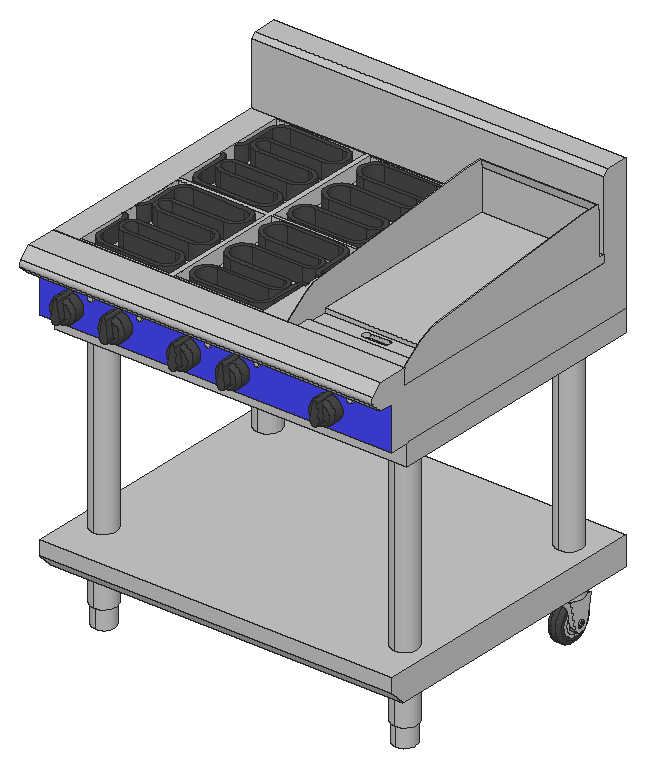
Revit family "QF_MOFFAT_BLUESEAL_CE_E516C-LS", category Specialty Equipment, Revit 2012
Parameters
  Width = 900 mm
  Weight in Pounds = 198  # constant formula
  Watts = 13000 W
  Volts = 400 V
  URL Cutsheet = "www.moffat.com"
  URL = "www.moffat.com"
  Type Mark [instance] = ""
  Status [instance] = ""
  Specification by User [instance] = ""
  Specification by Manufacturer = ""
  Show Logo [instance] = no
  Show Casters [instance] = yes
  Serial Number = ""
  Seismic Rating = ""
  SMACNA No = ""
  Revision Code [instance] = ""
  Phase = 3
  Omniclass Number and Title = ""
  Number of Poles = 1
  NAFEM Spec ID Number = ""
  Model = "E516C-LS"
  Min Ckt Ampacity = 0 A
  Max Overcurrent Protection = 0 A
  Masterspec = ""
  Manufacturer = "MOFFAT BLUESEAL"
  Legs [instance] = not(Show Casters)  # no
  Item Number [instance] = ""
  Installed By [instance] = ""
  Identify Quantity as Lot [instance] = yes
  HP = ""
  Furnished By [instance] = ""
  Foodservice Equipment Identifier [instance] = yes
  FL Amps = 20 A
  Electrical Remarks = "20A PER PHASE"
  Elec Conn RI Height = 0 mm
  Elec Conn Connection Height = 0 mm
  Description = "900MM ELECTRIC COOK TOP & GRIDDLE ON LEG STAND"
  Depth = 812 mm
  Cycle = 50 Hz
  Conn Plug = ""
  Conn Conduit = yes
  CSI MasterFormat = ""
  CSI Master Format = ""
  Base Height [instance] = 150 mm
  Apparent Power = if(Phase = 3, Volts * FL Amps * 1.73, Volts * FL Amps)  # 13840 VA
Reference planes
  plane 1 "BACK": y = 0
  plane 2: z = 0
  plane 3 "LEFT": x = 0
  plane 4 "RIGHT": x = 900
  plane 5 "FRONT": y = -812
  plane 6 "TOP": z = 970
  plane 7 "Center Y": x = 450
  plane 8 "Center X": y = -406
  plane 9 "Base Height": z = 150
  plane 10: z = 915
  plane 11: y = -31
  plane 12: x = 770
  plane 13: z = 1085
  plane 14: x = 65.354
  plane 15: y = -625
  plane 16: y = -100
  plane 17: x = 834.646
Forms (mm)
  Extrusion 1, solid, material "QF_Finishes_Stainless Steel"
    sketch origin (0, 0, 0) x (0, 1, 0) y (0, 0, 1)
      loop
        line (-749, 850) -> (-749, 740) -> (0, 740) -> (0, 1085) -> (-57.5, 1085) -> (-70, 1072.5) -> (-70, 875) -> (-705, 875) -> (-705, 915) -> (-783.97, 915) -> (-808.485, 890.485)
        arc (-808.485, 890.485) -> (-811.999, 882) -> (-808.485, 873.515) r 12
        line (-808.485, 873.515) -> (-784.97, 850) -> (-749, 850)
      loop
        line (0, 685) -> (0, 739.5) -> (-699, 739.5) -> (-699, 685) -> (0, 685)
      loop
        line (0, 222.5) -> (-749, 222.5) -> (-749, 186) -> (-713, 150) -> (0, 150) -> (0, 222.5)
    from 0 to 900
  Revolve 2, solid, material "QF_Finishes_Black"
    sketch origin (87.5, 7, 597.89) x (0, 1, 0) y (0, 0, -1)
      loop
        line (-789, -229.5) -> (-766, -229.5) -> (-766, -202) -> (-756, -202) -> (-756, -197) -> (-800, -197) -> (-800, -223.651) -> (-789, -229.5)
      axis (-800, -197) -> (-756, -197)
    angle from 0 to 360
  Extrusion 3, solid, material "QF_Finishes_Black"
    sketch origin (87.5, -759, 794.89) x (0, 0, 1) y (1, 0, 0)
      loop
        arc (32.192, -4.965) -> (37.079, 0.034) -> (32.192, 5.033) r 5
        line (32.192, 5.033) -> (-10.726, 10.453)
        arc (-10.726, 10.453) -> (-22.392, 0.618) -> (-11.893, -10.454) r 10.487
        line (-11.893, -10.454) -> (32.192, -4.965)
    from 0 to -49
  Extrusion 4, solid, material "QF_Finishes_Stainless Steel"
    sketch origin (0, 0, 222.5) x (0, -1, 0) y (1, 0, 0)
      loop
        circle (100, 65) r 31.75
      loop
        circle (625, 65) r 31.75
      loop
        circle (100, 835) r 31.75
      loop
        circle (625, 835) r 31.75
    from 0 to 462.5
  Revolve 5, solid, material "QF_Finishes_Stainless Steel", visible <- "Legs"
    sketch origin (65.5, -166, 0) x (0, 1, 0) y (0, 0, 1)
      loop
        line (34.25, 150) -> (34.25, 50) -> (38.5, 50) -> (38.5, 0) -> (66, 0) -> (66, 150) -> (34.25, 150)
      axis (66, 150) -> (66, 0)
    angle from 0 to 360
  Revolve 6, solid, material "QF_Finishes_Stainless Steel"
    sketch origin (65.5, -735, 0) x (0, 1, 0) y (0, 0, 1)
      loop
        line (78.25, 150) -> (78.25, 50) -> (82.5, 50) -> (82.5, 0) -> (110, 0) -> (110, 150) -> (78.25, 150)
      axis (110, 150) -> (110, 0)
    angle from 0 to 360
  Revolve 7, solid, material "QF_Finishes_Stainless Steel", visible <- "Legs"
    sketch origin (834.646, -166, -0.354) x (0, 1, 0) y (0, 0, -1)
      loop
        line (34.25, -150) -> (66, -150) -> (66, -0.354) -> (38.5, -0.354) -> (38.5, -50) -> (34.25, -50) -> (34.25, -150)
      axis (66, -150) -> (66, -0.354)
    angle from 0 to 360
  Revolve 8, solid, material "QF_Finishes_Stainless Steel"
    sketch origin (834.646, -728, -0.354) x (0, 1, 0) y (0, 0, -1)
      loop
        line (71.25, -150) -> (103, -150) -> (103, -0.354) -> (75.5, -0.354) -> (75.5, -50) -> (71.25, -50) -> (71.25, -150)
      axis (103, -150) -> (103, -0.354)
    angle from 0 to 360
  Extrusion 9, void
    sketch origin (0, -699, 740) x (0, -1, 0) y (1, 0, 0)
      loop
        circle (-668, 770) r 6.35
    from 0 to -62.281
  Revolve 10, solid, material "QF_Finishes_Black"
    sketch origin (386.766, 7, 597.89) x (0, 1, 0) y (0, 0, -1)
      loop
        line (-789, -229.5) -> (-766, -229.5) -> (-766, -202) -> (-756, -202) -> (-756, -197) -> (-800, -197) -> (-800, -223.651) -> (-789, -229.5)
      axis (-800, -197) -> (-756, -197)
    angle from 0 to 360
  Extrusion 11, solid, material "QF_Finishes_Black"
    sketch origin (386.766, -759, 794.89) x (0, 0, 1) y (1, 0, 0)
      loop
        arc (32.192, -4.965) -> (37.079, 0.034) -> (32.192, 5.033) r 5
        line (32.192, 5.033) -> (-10.726, 10.453)
        arc (-10.726, 10.453) -> (-22.392, 0.618) -> (-11.893, -10.454) r 10.487
        line (-11.893, -10.454) -> (32.192, -4.965)
    from 0 to -49
  Extrusion 12, solid, material "QF_Finishes_Stainless Steel"
    sketch origin (0, -749, 850) x (0, 0, -1) y (1, 0, 0)
      loop
        circle (25.11, 132.5) r 7.15
      loop
        circle (25.11, 257.5) r 7.15
      loop
        circle (25.11, 432.5) r 7.15
      loop
        circle (25.11, 557.5) r 7.15
      loop
        circle (25.11, 795.734) r 7.15
    from 0 to 3.2
  Revolve 13, solid, material "QF_Finishes_Stainless Steel", visible <- "Show Casters"
    sketch origin (16.276, -100.755, -12.8) x (1, 0, 0) y (0, 0, 1)
      loop
        line (14.841, 63.604) -> (83.584, 63.604) -> (83.584, 67.109) -> (82.314, 68.379) -> (80.79, 68.379) -> (80.79, 71.826) -> (68.644, 71.826) -> (68.644, 81.79) -> (65.088, 83.843) -> (63.738, 92.179) -> (65.881, 92.179) -> (65.881, 98.529) -> (65.088, 98.529) -> (65.088, 104.879)
        arc (65.088, 104.879) -> (62.298, 111.614) -> (55.563, 114.404) r 9.525
        line (55.563, 114.404) -> (42.863, 114.404)
        arc (42.863, 114.404) -> (36.127, 111.614) -> (33.338, 104.879) r 9.525
        line (33.338, 104.879) -> (33.338, 98.529) -> (32.544, 98.529) -> (32.544, 92.179) -> (34.687, 92.179) -> (33.352, 83.932) -> (29.782, 81.871) -> (29.782, 71.826) -> (17.635, 71.826) -> (17.635, 68.379) -> (16.111, 68.379) -> (14.841, 67.109) -> (14.841, 63.604)
      axis (14.841, 63.604) -> (83.584, 63.604)
    angle from 0 to 360
  Extrusion 14, solid, material "QF_Finishes_Stainless Steel", visible <- "Show Casters"
    sketch origin (72.001, 132.353, -8.783) x (0, 1, 0) y (0, 0, 1)
      loop
        line (-200.603, 118.783) -> (-264.103, 118.783) -> (-251.746, 53.895)
        arc (-251.746, 53.895) -> (-232.353, 38.783) -> (-212.959, 53.895) r 20
        line (-212.959, 53.895) -> (-200.603, 118.783)
    from -35.667 to 22.923
  Revolve 15, solid, material "QF_Finishes_Stainless Steel", visible <- "Show Casters"
    sketch origin (65.5, -204, 0) x (0, 1, 0) y (0, 0, 1)
      loop
        line (68.25, 150) -> (68.25, 110) -> (104, 110) -> (104, 150) -> (68.25, 150)
      axis (104, 150) -> (104, 110)
    angle from 0 to 360
  Revolve 16, solid, material "QF_Finishes_Stainless Steel", visible <- "Legs"
    sketch origin (65.5, -166, 0) x (0, 1, 0) y (0, 0, 1)
      loop
        line (34.25, 150) -> (34.25, 50) -> (38.5, 50) -> (38.5, 0) -> (66, 0) -> (66, 150) -> (34.25, 150)
      axis (66, 150) -> (66, 0)
    angle from 0 to 360
  Revolve 17, solid, material "QF_Finishes_Stainless Steel", visible <- "Show Casters"
    sketch origin (485.423, -100.755, -12.798) x (1, 0, 0) y (0, 0, 1)
      loop
        line (314.841, 63.604) -> (383.584, 63.604) -> (383.584, 67.109) -> (382.314, 68.379) -> (380.79, 68.379) -> (380.79, 71.826) -> (368.644, 71.826) -> (368.644, 81.79) -> (365.088, 83.843) -> (363.738, 92.179) -> (365.881, 92.179) -> (365.881, 98.529) -> (365.088, 98.529) -> (365.088, 104.879)
        arc (365.088, 104.879) -> (362.298, 111.614) -> (355.563, 114.404) r 9.525
        line (355.563, 114.404) -> (342.863, 114.404)
        arc (342.863, 114.404) -> (336.127, 111.614) -> (333.338, 104.879) r 9.525
        line (333.338, 104.879) -> (333.338, 98.529) -> (332.544, 98.529) -> (332.544, 92.179) -> (334.687, 92.179) -> (333.352, 83.932) -> (329.782, 81.871) -> (329.782, 71.826) -> (317.635, 71.826) -> (317.635, 68.379) -> (316.111, 68.379) -> (314.841, 67.109) -> (314.841, 63.604)
      axis (314.841, 63.604) -> (383.584, 63.604)
    angle from 0 to 360
  Extrusion 18, solid, material "QF_Finishes_Stainless Steel", visible <- "Show Casters"
    sketch origin (841.147, 132.353, -9.137) x (0, 1, 0) y (0, 0, 1)
      loop
        line (-200.603, 118.783) -> (-264.103, 118.783) -> (-251.746, 53.895)
        arc (-251.746, 53.895) -> (-232.353, 38.783) -> (-212.959, 53.895) r 20
        line (-212.959, 53.895) -> (-200.603, 118.783)
    from -35.667 to 22.923
  Revolve 19, solid, material "QF_Finishes_Stainless Steel", visible <- "Show Casters"
    sketch origin (834.646, -204, -0.354) x (0, 1, 0) y (0, 0, 1)
      loop
        line (68.25, 150) -> (68.25, 110) -> (104, 110) -> (104, 150) -> (68.25, 150)
      axis (104, 150) -> (104, 110)
    angle from 0 to 360
  Revolve 20, solid, material "QF_Finishes_Black"
    sketch origin (211.766, 7, 597.89) x (0, 1, 0) y (0, 0, -1)
      loop
        line (-789, -229.5) -> (-766, -229.5) -> (-766, -202) -> (-756, -202) -> (-756, -197) -> (-800, -197) -> (-800, -223.651) -> (-789, -229.5)
      axis (-800, -197) -> (-756, -197)
    angle from 0 to 360
  Extrusion 21, solid, material "QF_Finishes_Black"
    sketch origin (211.766, -759, 794.89) x (0, 0, 1) y (1, 0, 0)
      loop
        arc (32.192, -4.965) -> (37.079, 0.034) -> (32.192, 5.033) r 5
        line (32.192, 5.033) -> (-10.726, 10.453)
        arc (-10.726, 10.453) -> (-22.392, 0.618) -> (-11.893, -10.454) r 10.487
        line (-11.893, -10.454) -> (32.192, -4.965)
    from 0 to -49
  Revolve 22, solid, material "QF_Finishes_Black"
    sketch origin (511.766, 7, 597.89) x (0, 1, 0) y (0, 0, -1)
      loop
        line (-789, -229.5) -> (-766, -229.5) -> (-766, -202) -> (-756, -202) -> (-756, -197) -> (-800, -197) -> (-800, -223.651) -> (-789, -229.5)
      axis (-800, -197) -> (-756, -197)
    angle from 0 to 360
  Extrusion 23, solid, material "QF_Finishes_Black"
    sketch origin (511.766, -759, 794.89) x (0, 0, 1) y (1, 0, 0)
      loop
        arc (32.192, -4.965) -> (37.079, 0.034) -> (32.192, 5.033) r 5
        line (32.192, 5.033) -> (-10.726, 10.453)
        arc (-10.726, 10.453) -> (-22.392, 0.618) -> (-11.893, -10.454) r 10.487
        line (-11.893, -10.454) -> (32.192, -4.965)
    from 0 to -49
  Revolve 24, solid, material "QF_Finishes_Black"
    sketch origin (750, 7, 597.89) x (0, 1, 0) y (0, 0, -1)
      loop
        line (-789, -229.5) -> (-766, -229.5) -> (-766, -202) -> (-756, -202) -> (-756, -197) -> (-800, -197) -> (-800, -223.651) -> (-789, -229.5)
      axis (-800, -197) -> (-756, -197)
    angle from 0 to 360
  Extrusion 25, solid, material "QF_Finishes_Black"
    sketch origin (750, -759, 794.89) x (0, 0, 1) y (1, 0, 0)
      loop
        arc (32.192, -4.965) -> (37.079, 0.034) -> (32.192, 5.033) r 5
        line (32.192, 5.033) -> (-10.726, 10.453)
        arc (-10.726, 10.453) -> (-22.392, 0.618) -> (-11.893, -10.454) r 10.487
        line (-11.893, -10.454) -> (32.192, -4.965)
    from 0 to -49
Cuts and joins
  Extrusion 9 cuts Extrusion 1
Lines and regions (mm)
  Split face 1
    outline origin (900, 0, 1085) x (-1, 0, 0) y (0, -1, 0)
      loop
        arc (856, 18.385) -> (864.66, 23.385) -> (864.66, 33.385) r 10
        line (864.66, 33.385) -> (860.619, 40.385)
        arc (860.619, 40.385) -> (856.959, 44.045) -> (851.959, 45.385) r 10
        line (851.959, 45.385) -> (624, 45.385)
        arc (624, 45.385) -> (615.34, 40.385) -> (615.34, 30.385) r 10
        line (615.34, 30.385) -> (619.381, 23.385)
        arc (619.381, 23.385) -> (623.041, 19.725) -> (628.041, 18.385) r 10
        line (628.041, 18.385) -> (856, 18.385)
  Split face 2
    outline origin (900, 0, 1085) x (-1, 0, 0) y (0, -1, 0)
      loop
        arc (276, 18.385) -> (284.66, 23.385) -> (284.66, 33.385) r 10
        line (284.66, 33.385) -> (280.619, 40.385)
        arc (280.619, 40.385) -> (276.959, 44.045) -> (271.959, 45.385) r 10
        line (271.959, 45.385) -> (44, 45.385)
        arc (44, 45.385) -> (35.34, 40.385) -> (35.34, 30.385) r 10
        line (35.34, 30.385) -> (39.381, 23.385)
        arc (39.381, 23.385) -> (43.041, 19.725) -> (48.041, 18.385) r 10
        line (48.041, 18.385) -> (276, 18.385)
  Split face 3
    outline origin (900, 0, 1085) x (-1, 0, 0) y (0, -1, 0)
      loop
        arc (334, 45.385) -> (325.34, 40.385) -> (325.34, 30.385) r 10
        line (325.34, 30.385) -> (329.381, 23.385)
        arc (329.381, 23.385) -> (333.041, 19.725) -> (338.041, 18.385) r 10
        line (338.041, 18.385) -> (566, 18.385)
        arc (566, 18.385) -> (574.66, 23.385) -> (574.66, 33.385) r 10
        line (574.66, 33.385) -> (570.619, 40.385)
        arc (570.619, 40.385) -> (566.959, 44.045) -> (561.959, 45.385) r 10
        line (561.959, 45.385) -> (334, 45.385)
  symbolic lines, style "SpecialityEquipmentHiddenLines", visible <- "Show Casters"
    curve 1: line (78.456, -46.735, 0) -> (105.952, -62.61, 0)
    curve 2: line (27.656, -134.723, 0) -> (78.456, -46.735, 0)
    curve 3: line (55.152, -150.598, 0) -> (27.656, -134.723, 0)
    curve 4: line (105.952, -62.61, 0) -> (55.152, -150.598, 0)
    curve 5: line (848.456, -46.735, 0) -> (875.952, -62.61, 0)
    curve 6: line (797.656, -134.723, 0) -> (848.456, -46.735, 0)
    curve 7: line (825.152, -150.598, 0) -> (797.656, -134.723, 0)
    curve 8: line (875.952, -62.61, 0) -> (825.152, -150.598, 0)
  symbolic lines
    curve 9: line (0, -783.97, 0) -> (900, -783.97, 0)
    curve 10: line (0, 0, 0) -> (0, -811.999, 0)
    curve 11: line (900, -811.999, 0) -> (900, 0, 0)
    curve 12: line (900, -811.999, 0) -> (0, -811.999, 0)
    curve 13: line (0, -70, 0) -> (900, -70, 0)
    curve 14: line (0, -57.5, 0) -> (900, -57.5, 0)
    curve 15: line (900, 0, 0) -> (0, 0, 0)
    curve 16: line (561.959, -18.385, 0) -> (334, -18.385, 0)
    curve 17: arc (334, -18.385, 0) -> (325.34, -23.385, 0) -> (325.34, -33.385, 0) r 10
    curve 18: line (325.34, -33.385, 0) -> (329.381, -40.385, 0)
    curve 19: arc (329.381, -40.385, 0) -> (333.041, -44.045, 0) -> (338.041, -45.385, 0) r 10
    curve 20: line (338.041, -45.385, 0) -> (566, -45.385, 0)
    curve 21: arc (566, -45.385, 0) -> (574.66, -40.385, 0) -> (574.66, -30.385, 0) r 10
    curve 22: line (574.66, -30.385, 0) -> (570.619, -23.385, 0)
    curve 23: arc (570.619, -23.385, 0) -> (566.959, -19.725, 0) -> (561.959, -18.385, 0) r 10
    curve 24: line (851.959, -18.385, 0) -> (624, -18.385, 0)
    curve 25: arc (624, -18.385, 0) -> (615.34, -23.385, 0) -> (615.34, -33.385, 0) r 10
    curve 26: line (615.34, -33.385, 0) -> (619.381, -40.385, 0)
    curve 27: arc (619.381, -40.385, 0) -> (623.041, -44.045, 0) -> (628.041, -45.385, 0) r 10
    curve 28: line (628.041, -45.385, 0) -> (856, -45.385, 0)
    curve 29: arc (856, -45.385, 0) -> (864.66, -40.385, 0) -> (864.66, -30.385, 0) r 10
    curve 30: line (864.66, -30.385, 0) -> (860.619, -23.385, 0)
    curve 31: arc (860.619, -23.385, 0) -> (856.959, -19.725, 0) -> (851.959, -18.385, 0) r 10
    curve 32: line (271.959, -18.385, 0) -> (44, -18.385, 0)
    curve 33: arc (44, -18.385, 0) -> (35.34, -23.385, 0) -> (35.34, -33.385, 0) r 10
    curve 34: line (35.34, -33.385, 0) -> (39.381, -40.385, 0)
    curve 35: arc (39.381, -40.385, 0) -> (43.041, -44.045, 0) -> (48.041, -45.385, 0) r 10
    curve 36: line (48.041, -45.385, 0) -> (276, -45.385, 0)
    curve 37: arc (276, -45.385, 0) -> (284.66, -40.385, 0) -> (284.66, -30.385, 0) r 10
    curve 38: line (284.66, -30.385, 0) -> (280.619, -23.385, 0)
    curve 39: arc (280.619, -23.385, 0) -> (276.959, -19.725, 0) -> (271.959, -18.385, 0) r 10
    curve 40: line (0, -705, 0) -> (900, -705, 0)
Dimensions and locks
  equal spacing: plane 3 "LEFT", plane 7 "Center Y", plane 4 "RIGHT"
  "Width": plane 3 "LEFT" to plane 4 "RIGHT"
  equal spacing: plane 5 "FRONT", plane 8 "Center X", plane 1 "BACK"
  "Depth": plane 5 "FRONT" to plane 1 "BACK"
  equal spacing: plane 4 "RIGHT", plane 7 "Center Y", plane 3 "LEFT"
  plane 4 "RIGHT" to plane 3 "LEFT" = 900 mm
  plane 5 "FRONT" to plane 1 "BACK" = 812 mm
  "Base Height": plane 9 "Base Height" to level
  plane 6 "TOP" to level = 970 mm
  plane 10 to level = 915 mm
  plane 11 to plane 1 "BACK" = 31 mm
  plane 12 to plane 4 "RIGHT" = 130 mm
  plane 13 to plane 2 = 1085 mm
  Revolve 13 sketch curve to Revolve 13 sketch curve = 50.8 mm
  Revolve 17 sketch curve to Revolve 17 sketch curve = 50.8 mm
  plane 2 to cut or joined group of Extrusion 1, Extrusion 9 = 740 mm
  Extrusion 9 sketch curve to plane 1 "BACK" = 31 mm
  plane 16 to plane 15 = 525 mm
  aligned and locked: level to plane 2
  aligned and locked: Extrusion 4 to cut or joined group of Extrusion 1, Extrusion 9
  aligned and locked: cut or joined group of Extrusion 1, Extrusion 9 to plane 4 "RIGHT"
Automatic sketch dimensions
  plane 1 "BACK" to curve 15 = 0 mm
  curve 15 to plane 3 "LEFT" = 0 mm
  curve 9 to plane 4 "RIGHT" = 0 mm
  plane 3 "LEFT" to curve 2 = 27.656 mm
  plane 14 to curve 3 = 10.202 mm
  curve 2 to plane 14 = 13.102 mm
  plane 12 to curve 6 = 27.656 mm
  curve 8 to plane 17 = 9.494 mm
  plane 17 to curve 5 = 13.809 mm
  curve 5 to plane 11 = 15.735 mm
  curve 2 to plane 11 = 15.735 mm
  curve 14 to plane 11 = 26.5 mm
  curve 8 to curve 14 = 5.11 mm
  curve 4 to curve 1 = 15.875 mm
  curve 13 to curve 14 = 12.5 mm
  curve 9 to plane 5 "FRONT" = 28.03 mm
  curve 12 to plane 5 "FRONT" = 0.001 mm
  plane 10 to Extrusion 1 sketch curve = 0 mm
  Extrusion 1 sketch curve to plane 9 "Base Height" = 0 mm
  plane 13 to Extrusion 1 sketch curve = 0 mm
  Extrusion 1 sketch curve to plane 1 "BACK" = 0 mm  (x3)
  Extrusion 1 sketch curve to plane 11 = 26.5 mm
  plane 13 to Extrusion 1 sketch curve = 12.5 mm
  Extrusion 1 sketch curve to Extrusion 1 sketch curve = 12.5 mm
  plane 15 to Extrusion 1 sketch curve = 74 mm
  plane 15 to Extrusion 1 sketch curve = 80 mm
  plane 15 to Extrusion 1 sketch curve = 88 mm
  Extrusion 1 sketch curve to Extrusion 1 sketch curve = 44 mm
  Extrusion 1 sketch curve to Extrusion 1 sketch curve = 36 mm
  Extrusion 1 sketch curve to plane 5 "FRONT" = 28.03 mm
  Extrusion 1 sketch curve to plane 5 "FRONT" = 27.03 mm
  Extrusion 1 sketch curve to plane 5 "FRONT" = 12.001 mm
  Extrusion 1 sketch curve to plane 5 "FRONT" = 3.515 mm  (x2)
  plane 9 "Base Height" to Extrusion 1 sketch curve = 36 mm
  plane 9 "Base Height" to Extrusion 1 sketch curve = 72.5 mm
  plane 10 to Extrusion 1 sketch curve = 230 mm
  Extrusion 1 sketch curve to Extrusion 1 sketch curve = 54.5 mm
  Extrusion 1 sketch curve to Extrusion 1 sketch curve = 0.5 mm
  plane 10 to Extrusion 1 sketch curve = 65 mm
  Extrusion 1 sketch curve to Extrusion 1 sketch curve = 23.515 mm
  plane 10 to Extrusion 1 sketch curve = 40 mm
  Extrusion 1 sketch curve to Extrusion 1 sketch curve = 8.485 mm
  Revolve 2 sketch curve to plane 5 "FRONT" = 19 mm
  Revolve 2 sketch curve to Revolve 2 sketch curve = 0 mm  (x2)
  Revolve 2 sketch curve to Revolve 2 sketch curve = 11 mm
  Revolve 2 sketch curve to Revolve 2 sketch curve = 12.7 mm
  Revolve 2 sketch curve to Revolve 2 sketch curve = 23 mm
  Revolve 2 sketch curve to Revolve 2 sketch curve = 10 mm
  plane 10 to Revolve 2 sketch curve = 87.61 mm
  Revolve 2 sketch curve to Revolve 2 sketch curve = 5.849 mm
  Revolve 2 sketch curve to Revolve 2 sketch curve = 27.5 mm
  Revolve 2 sketch curve to Revolve 2 sketch curve = 5 mm
  Extrusion 3 sketch curve to Revolve 2 = 0.034 mm  (x2)
  Revolve 2 to Extrusion 3 sketch curve = 10.454 mm
  Extrusion 3 sketch curve to Extrusion 3 sketch curve = 0.028 mm
  Extrusion 3 sketch curve to Revolve 2 = 10.453 mm
  Extrusion 3 sketch curve to Extrusion 3 sketch curve = 44 mm
  Extrusion 3 sketch curve to Revolve 2 = 5.033 mm
  Extrusion 3 sketch curve to Extrusion 3 sketch curve = 0.113 mm
  Revolve 2 to Extrusion 3 sketch curve = 4.965 mm
  Extrusion 4 sketch curve to Extrusion 4 sketch curve = 0 mm  (x8)
  Extrusion 1 to Extrusion 4 sketch curve = 68.25 mm  (x2)
  Extrusion 4 sketch curve to Extrusion 4 sketch curve = 31.75 mm  (x4)
  Extrusion 4 sketch curve to Extrusion 1 = 155.75 mm  (x2)
  Extrusion 1 to Extrusion 4 sketch curve = 65 mm  (x4)
  Revolve 5 sketch curve to plane 9 "Base Height" = 0 mm
  Revolve 5 sketch curve to level = 0 mm
  Revolve 5 sketch curve to plane 16 = 0 mm  (x2)
  plane 16 to Revolve 5 sketch curve = 27.5 mm
  plane 16 to Revolve 5 sketch curve = 31.75 mm
  Revolve 5 sketch curve to Revolve 5 sketch curve = 55 mm
  level to Revolve 5 sketch curve = 50 mm
  Revolve 5 sketch curve to Revolve 5 sketch curve = 0 mm
  Revolve 6 sketch curve to plane 9 "Base Height" = 0 mm
  Revolve 6 sketch curve to level = 0 mm
  Revolve 6 sketch curve to plane 15 = 0 mm  (x2)
  Revolve 6 sketch curve to Revolve 6 sketch curve = 27.5 mm
  Revolve 6 sketch curve to Revolve 6 sketch curve = 31.75 mm
  Revolve 6 sketch curve to Revolve 6 sketch curve = 55 mm
  level to Revolve 6 sketch curve = 50 mm
  Revolve 6 sketch curve to Revolve 6 sketch curve = 0 mm
  Revolve 7 sketch curve to level = 0 mm
  Revolve 7 sketch curve to plane 16 = 0 mm  (x2)
  plane 16 to Revolve 7 sketch curve = 27.5 mm
  Revolve 7 sketch curve to plane 9 "Base Height" = 0.354 mm
  plane 16 to Revolve 7 sketch curve = 31.75 mm
  level to Revolve 7 sketch curve = 49.646 mm
  Revolve 7 sketch curve to Revolve 7 sketch curve = 0 mm
  Revolve 7 sketch curve to level = 55.354 mm
  Revolve 8 sketch curve to level = 0 mm
  Revolve 8 sketch curve to plane 15 = 0 mm  (x2)
  Revolve 8 sketch curve to Revolve 8 sketch curve = 27.5 mm
  Revolve 8 sketch curve to plane 9 "Base Height" = 0.354 mm
  plane 15 to Revolve 8 sketch curve = 31.75 mm
  level to Revolve 8 sketch curve = 49.646 mm
  Revolve 8 sketch curve to Revolve 8 sketch curve = 0 mm
  Revolve 8 sketch curve to Revolve 8 sketch curve = 55.354 mm
  Extrusion 9 sketch curve to Extrusion 1 = 130 mm
  Revolve 10 sketch curve to plane 5 "FRONT" = 19 mm
  Revolve 10 sketch curve to Revolve 10 sketch curve = 0 mm  (x2)
  Revolve 10 sketch curve to Revolve 10 sketch curve = 11 mm
  Revolve 10 sketch curve to Revolve 10 sketch curve = 12.7 mm
  Revolve 10 sketch curve to Revolve 10 sketch curve = 23 mm
  Revolve 10 sketch curve to Revolve 10 sketch curve = 10 mm
  plane 10 to Revolve 10 sketch curve = 87.61 mm
  Revolve 10 sketch curve to Revolve 10 sketch curve = 5.849 mm
  Revolve 10 sketch curve to Revolve 10 sketch curve = 27.5 mm
  Revolve 10 sketch curve to Revolve 10 sketch curve = 5 mm
  Extrusion 11 sketch curve to Revolve 10 = 0.034 mm  (x2)
  Revolve 10 to Extrusion 11 sketch curve = 10.454 mm
  Extrusion 11 sketch curve to Extrusion 11 sketch curve = 0.028 mm
  Extrusion 11 sketch curve to Revolve 10 = 10.453 mm
  Extrusion 11 sketch curve to Extrusion 11 sketch curve = 44 mm
  Extrusion 11 sketch curve to Revolve 10 = 5.033 mm
  Extrusion 11 sketch curve to Extrusion 11 sketch curve = 0.113 mm
  Revolve 10 to Extrusion 11 sketch curve = 4.965 mm
  Split face 1 sketch curve to cut or joined group of Extrusion 1, Extrusion 9 = 27.115 mm
  Split face 1 sketch curve to cut or joined group of Extrusion 1, Extrusion 9 = 284.66 mm
  Split face 1 sketch curve to Split face 1 sketch curve = 4.041 mm  (x4)
  Split face 1 sketch curve to Split face 1 sketch curve = 8.66 mm  (x2)
  Split face 1 sketch curve to cut or joined group of Extrusion 1, Extrusion 9 = 12.115 mm
  Split face 1 sketch curve to cut or joined group of Extrusion 1, Extrusion 9 = 48.041 mm
  Split face 1 sketch curve to Split face 1 sketch curve = 7 mm  (x3)
  Split face 1 sketch curve to Split face 1 sketch curve = 17 mm
  Split face 2 sketch curve to cut or joined group of Extrusion 1, Extrusion 9 = 35.34 mm
  Split face 2 sketch curve to Split face 2 sketch curve = 4.041 mm  (x4)
  Split face 2 sketch curve to Split face 2 sketch curve = 8.66 mm  (x2)
  Split face 2 sketch curve to cut or joined group of Extrusion 1, Extrusion 9 = 12.115 mm
  Split face 2 sketch curve to Split face 2 sketch curve = 223.917 mm
  Split face 2 sketch curve to Split face 2 sketch curve = 5 mm
  Split face 2 sketch curve to Split face 2 sketch curve = 10 mm
  Split face 2 sketch curve to Split face 2 sketch curve = 7 mm  (x3)
  Extrusion 12 sketch curve to Extrusion 1 = 25.11 mm  (x5)
  Extrusion 1 to Extrusion 12 sketch curve = 132.5 mm
  Extrusion 12 sketch curve to Extrusion 12 sketch curve = 125 mm  (x2)
  Extrusion 12 sketch curve to Extrusion 12 sketch curve = 175 mm
  Extrusion 1 to Extrusion 12 sketch curve = 104.266 mm
  plane 3 "LEFT" to Revolve 13 sketch curve = 31.118 mm
  Revolve 13 sketch curve to Revolve 13 sketch curve = 1.27 mm  (x4)
  Revolve 13 sketch curve to Revolve 13 sketch curve = 1.524 mm  (x2)
  Revolve 13 sketch curve to Revolve 13 sketch curve = 12.146 mm  (x2)
  plane 14 to Revolve 13 sketch curve = 16.533 mm
  Revolve 13 sketch curve to Revolve 13 sketch curve = 0.794 mm  (x2)
  Revolve 13 sketch curve to Revolve 13 sketch curve = 3.57 mm
  Revolve 13 sketch curve to Revolve 13 sketch curve = 2.143 mm
  plane 14 to Revolve 13 sketch curve = 6.215 mm
  Revolve 13 sketch curve to plane 14 = 5.276 mm
  Revolve 13 sketch curve to plane 14 = 6.485 mm
  Revolve 13 sketch curve to plane 14 = 14.661 mm
  Revolve 13 sketch curve to Revolve 13 sketch curve = 1.349 mm  (x2)
  Revolve 13 sketch curve to Revolve 13 sketch curve = 3.556 mm
  Revolve 13 sketch curve to Revolve 13 sketch curve = 33.32 mm
  level to Revolve 13 sketch curve = 50.804 mm
  Revolve 13 sketch curve to Revolve 13 sketch curve = 0 mm
  Revolve 13 sketch curve to Revolve 13 sketch curve = 3.505 mm  (x2)
  Revolve 13 sketch curve to Revolve 13 sketch curve = 3.447 mm  (x2)
  Revolve 13 sketch curve to Revolve 13 sketch curve = 9.964 mm
  Revolve 13 sketch curve to Revolve 13 sketch curve = 10.045 mm
  Revolve 13 sketch curve to Revolve 13 sketch curve = 2.053 mm
  Revolve 13 sketch curve to Revolve 13 sketch curve = 2.061 mm
  Revolve 13 sketch curve to Revolve 13 sketch curve = 8.247 mm
  Revolve 13 sketch curve to Revolve 13 sketch curve = 8.336 mm
  Revolve 13 sketch curve to Revolve 13 sketch curve = 6.35 mm  (x2)
  Extrusion 14 sketch curve to plane 16 = 0 mm
  plane 16 to Extrusion 14 sketch curve = 19.393 mm
  plane 16 to Extrusion 14 sketch curve = 31.75 mm
  Extrusion 14 sketch curve to plane 16 = 19.393 mm
  Extrusion 14 sketch curve to plane 16 = 31.75 mm
  level to Extrusion 14 sketch curve = 45.111 mm
  Extrusion 14 sketch curve to Extrusion 14 sketch curve = 4.889 mm
  Extrusion 14 sketch curve to plane 9 "Base Height" = 40 mm
  Revolve 15 sketch curve to plane 9 "Base Height" = 0 mm
  Revolve 15 sketch curve to plane 16 = 0 mm  (x2)
  plane 16 to Revolve 15 sketch curve = 35.75 mm
  Revolve 15 sketch curve to Revolve 15 sketch curve = 40 mm
  level to Revolve 15 sketch curve = 50 mm
  Revolve 15 sketch curve to level = 55 mm
  Revolve 16 sketch curve to plane 9 "Base Height" = 0 mm
  Revolve 16 sketch curve to level = 0 mm
  Revolve 16 sketch curve to plane 16 = 0 mm  (x2)
  plane 16 to Revolve 16 sketch curve = 27.5 mm
  plane 16 to Revolve 16 sketch curve = 31.75 mm
  Revolve 16 sketch curve to Revolve 16 sketch curve = 55 mm
  level to Revolve 16 sketch curve = 50 mm
  Revolve 16 sketch curve to Revolve 16 sketch curve = 0 mm
  plane 12 to Revolve 17 sketch curve = 30.264 mm
  Revolve 17 sketch curve to Revolve 17 sketch curve = 1.27 mm  (x4)
  Revolve 17 sketch curve to Revolve 17 sketch curve = 1.524 mm  (x2)
  Revolve 17 sketch curve to Revolve 17 sketch curve = 12.146 mm  (x2)
  Revolve 17 sketch curve to plane 17 = 16.68 mm
  Revolve 17 sketch curve to Revolve 17 sketch curve = 0.794 mm  (x2)
  Revolve 17 sketch curve to Revolve 17 sketch curve = 3.57 mm
  Revolve 17 sketch curve to Revolve 17 sketch curve = 2.143 mm
  Revolve 17 sketch curve to plane 17 = 6.361 mm
  plane 17 to Revolve 17 sketch curve = 5.13 mm
  plane 17 to Revolve 17 sketch curve = 6.339 mm
  plane 17 to Revolve 17 sketch curve = 14.515 mm
  Revolve 17 sketch curve to Revolve 17 sketch curve = 1.349 mm  (x2)
  Revolve 17 sketch curve to Revolve 17 sketch curve = 3.556 mm
  Revolve 17 sketch curve to plane 4 "RIGHT" = 2.327 mm
  level to Revolve 17 sketch curve = 50.806 mm
  Revolve 17 sketch curve to Revolve 17 sketch curve = 0 mm
  Revolve 17 sketch curve to Revolve 17 sketch curve = 3.505 mm  (x2)
  Revolve 17 sketch curve to Revolve 17 sketch curve = 3.447 mm  (x2)
  Revolve 17 sketch curve to Revolve 17 sketch curve = 9.964 mm
  Revolve 17 sketch curve to Revolve 17 sketch curve = 10.045 mm
  Revolve 17 sketch curve to Revolve 17 sketch curve = 2.053 mm
  Revolve 17 sketch curve to Revolve 17 sketch curve = 2.061 mm
  Revolve 17 sketch curve to Revolve 17 sketch curve = 8.247 mm
  Revolve 17 sketch curve to Revolve 17 sketch curve = 8.336 mm
  Revolve 17 sketch curve to Revolve 17 sketch curve = 6.35 mm  (x2)
  Extrusion 18 sketch curve to plane 16 = 0 mm
  plane 16 to Extrusion 18 sketch curve = 19.393 mm
  plane 16 to Extrusion 18 sketch curve = 31.75 mm
  Extrusion 18 sketch curve to plane 16 = 19.393 mm
  Extrusion 18 sketch curve to plane 16 = 31.75 mm
  level to Extrusion 18 sketch curve = 44.758 mm
  Extrusion 18 sketch curve to Extrusion 18 sketch curve = 4.889 mm
  Extrusion 18 sketch curve to plane 9 "Base Height" = 40.354 mm
  Revolve 19 sketch curve to plane 16 = 0 mm  (x2)
  Revolve 19 sketch curve to plane 9 "Base Height" = 0.354 mm
  plane 16 to Revolve 19 sketch curve = 35.75 mm
  Revolve 19 sketch curve to Revolve 19 sketch curve = 40 mm
  level to Revolve 19 sketch curve = 49.646 mm
  Revolve 19 sketch curve to level = 55.354 mm
  Split face 3 sketch curve to cut or joined group of Extrusion 1, Extrusion 9 = 27.115 mm
  Split face 3 sketch curve to cut or joined group of Extrusion 1, Extrusion 9 = 325.34 mm
  Split face 3 sketch curve to cut or joined group of Extrusion 1, Extrusion 9 = 23.385 mm
  Split face 3 sketch curve to Split face 3 sketch curve = 4.041 mm  (x4)
  Split face 3 sketch curve to Split face 3 sketch curve = 8.66 mm  (x2)
  Split face 3 sketch curve to cut or joined group of Extrusion 1, Extrusion 9 = 22.115 mm
  Split face 3 sketch curve to Split face 3 sketch curve = 223.917 mm
  Split face 3 sketch curve to cut or joined group of Extrusion 1, Extrusion 9 = 17.115 mm
  Split face 3 sketch curve to Split face 3 sketch curve = 17 mm
  Split face 3 sketch curve to Split face 3 sketch curve = 7 mm
  Revolve 20 sketch curve to plane 5 "FRONT" = 19 mm
  Revolve 20 sketch curve to Revolve 20 sketch curve = 0 mm  (x2)
  Revolve 20 sketch curve to Revolve 20 sketch curve = 11 mm
  Revolve 20 sketch curve to Revolve 20 sketch curve = 12.7 mm
  Revolve 20 sketch curve to Revolve 20 sketch curve = 23 mm
  Revolve 20 sketch curve to Revolve 20 sketch curve = 10 mm
  plane 10 to Revolve 20 sketch curve = 87.61 mm
  Revolve 20 sketch curve to Revolve 20 sketch curve = 5.849 mm
  Revolve 20 sketch curve to Revolve 20 sketch curve = 27.5 mm
  Revolve 20 sketch curve to Revolve 20 sketch curve = 5 mm
  Extrusion 21 sketch curve to Revolve 20 = 0.034 mm  (x2)
  Revolve 20 to Extrusion 21 sketch curve = 10.454 mm
  Extrusion 21 sketch curve to Extrusion 21 sketch curve = 0.028 mm
  Extrusion 21 sketch curve to Revolve 20 = 10.453 mm
  Extrusion 21 sketch curve to Extrusion 21 sketch curve = 44 mm
  Extrusion 21 sketch curve to Revolve 20 = 5.033 mm
  Extrusion 21 sketch curve to Extrusion 21 sketch curve = 0.113 mm
  Revolve 20 to Extrusion 21 sketch curve = 4.965 mm
  Revolve 22 sketch curve to plane 5 "FRONT" = 19 mm
  Revolve 22 sketch curve to Revolve 22 sketch curve = 0 mm  (x2)
  Revolve 22 sketch curve to Revolve 22 sketch curve = 11 mm
  Revolve 22 sketch curve to Revolve 22 sketch curve = 12.7 mm
  Revolve 22 sketch curve to Revolve 22 sketch curve = 23 mm
  Revolve 22 sketch curve to Revolve 22 sketch curve = 10 mm
  plane 10 to Revolve 22 sketch curve = 87.61 mm
  Revolve 22 sketch curve to Revolve 22 sketch curve = 5.849 mm
  Revolve 22 sketch curve to Revolve 22 sketch curve = 27.5 mm
  Revolve 22 sketch curve to Revolve 22 sketch curve = 5 mm
  Extrusion 23 sketch curve to Revolve 22 = 0.034 mm  (x2)
  Revolve 22 to Extrusion 23 sketch curve = 10.454 mm
  Extrusion 23 sketch curve to Extrusion 23 sketch curve = 0.028 mm
  Extrusion 23 sketch curve to Revolve 22 = 10.453 mm
  Extrusion 23 sketch curve to Extrusion 23 sketch curve = 44 mm
  Extrusion 23 sketch curve to Revolve 22 = 5.033 mm
  Extrusion 23 sketch curve to Extrusion 23 sketch curve = 0.113 mm
  Revolve 22 to Extrusion 23 sketch curve = 4.965 mm
  Revolve 24 sketch curve to plane 5 "FRONT" = 19 mm
  Revolve 24 sketch curve to Revolve 24 sketch curve = 0 mm  (x2)
  Revolve 24 sketch curve to Revolve 24 sketch curve = 11 mm
  Revolve 24 sketch curve to Revolve 24 sketch curve = 12.7 mm
  Revolve 24 sketch curve to Revolve 24 sketch curve = 23 mm
  Revolve 24 sketch curve to Revolve 24 sketch curve = 10 mm
  plane 10 to Revolve 24 sketch curve = 87.61 mm
  Revolve 24 sketch curve to Revolve 24 sketch curve = 5.849 mm
  Revolve 24 sketch curve to Revolve 24 sketch curve = 27.5 mm
  Revolve 24 sketch curve to Revolve 24 sketch curve = 5 mm
  Extrusion 25 sketch curve to Revolve 24 = 0.034 mm  (x2)
  Revolve 24 to Extrusion 25 sketch curve = 10.454 mm
  Extrusion 25 sketch curve to Extrusion 25 sketch curve = 0.028 mm
  Extrusion 25 sketch curve to Revolve 24 = 10.453 mm
  Extrusion 25 sketch curve to Extrusion 25 sketch curve = 44 mm
  Extrusion 25 sketch curve to Revolve 24 = 5.033 mm
  Extrusion 25 sketch curve to Extrusion 25 sketch curve = 0.113 mm
  Revolve 24 to Extrusion 25 sketch curve = 4.965 mm
  curve 17 to plane 11 = 2.385 mm
  curve 17 to plane 7 "Center Y" = 124.66 mm
  curve 18 to curve 19 = 4.041 mm
  curve 17 to curve 17 = 8.66 mm
  curve 19 to curve 20 = 8.66 mm
  plane 11 to curve 16 = 12.615 mm
  plane 7 "Center Y" to curve 16 = 111.959 mm
  curve 23 to curve 21 = 4.041 mm  (x2)
  plane 11 to curve 22 = 7.615 mm
  curve 16 to curve 22 = 8.66 mm
  plane 11 to curve 21 = 0.615 mm
  curve 21 to plane 11 = 14.385 mm
  curve 19 to curve 18 = 7 mm
  curve 26 to plane 11 = 2.385 mm
  curve 22 to curve 26 = 40.679 mm
  curve 26 to plane 11 = 9.385 mm
  curve 26 to curve 26 = 4.041 mm
  plane 11 to curve 25 = 2.615 mm
  curve 25 to curve 25 = 8.66 mm
  curve 26 to curve 28 = 8.66 mm
  plane 11 to curve 31 = 2.615 mm
  plane 17 to curve 31 = 17.312 mm
  curve 5 to curve 29 = 7.544 mm
  plane 11 to curve 30 = 7.615 mm
  plane 11 to curve 29 = 0.615 mm
  curve 31 to curve 29 = 4.041 mm
  curve 5 to curve 29 = 1.35 mm
  curve 33 to plane 11 = 2.385 mm
  plane 14 to curve 33 = 30.014 mm
  curve 34 to plane 11 = 9.385 mm
  curve 34 to curve 34 = 4.041 mm
  curve 33 to curve 32 = 8.66 mm
  curve 34 to curve 36 = 8.66 mm
  plane 11 to curve 39 = 12.615 mm
  curve 39 to curve 18 = 53.381 mm
  curve 37 to plane 11 = 4.385 mm
  curve 39 to curve 37 = 4.041 mm
  plane 11 to curve 38 = 7.615 mm
  curve 39 to curve 38 = 8.66 mm
  plane 11 to curve 38 = 0.615 mm
  curve 38 to curve 38 = 4.041 mm
  curve 9 to curve 40 = 78.97 mm
  radius of Extrusion 9 sketch curve = 6.35 mm
  radius of Extrusion 12 sketch curve = 7.15 mm  (x5)
Nested families
  nested 1: "WALDORF LOGO_FACE BASE" at (32, -70, 1057.475) x (1, 0, 0) z (0, -1, 0), visible <- "Show Logo", type "WALDORF LOGO_FACE BASE", detail levels medium+fine
    with Show Logo yes
  nested 2: "ELECTRIC BURNER 600 & GRIDDLE 300" at (0, -70, 875), type "ELECTRIC BURNER 600 & GRIDDLE 300"
    with Width 900 mm, Type Mark "", Status "", Specification by User "", Revision Code "", Item Number "", Installed By "", Identify Quantity as Lot yes, Furnished By "", Foodservice Equipment Identifier yes, Depth 635 mm
Connectors
  electrical at (770, -31, 740), driven by "Volts", driven by "Watts"
    settings: on Extrusion 9, index 1, voltage 400 V, apparent load 13000 VA, apparent load phase1 0 VA, apparent load phase2 0 VA, apparent load phase3 0 VA, power factor 1, load classification "Other", number of poles 1, system type 30, power factor state 1, is connector primary yes, connector utility no, sub classification motor no, connector description "ELECTRICAL CONNECTION"
Definition of nested family "WALDORF LOGO_FACE BASE"
  Parameters (values of type "WALDORF LOGO_FACE BASE")
    Show Logo [instance] = yes
    Default Elevation = 1219.2 mm
  Reference planes
    plane 1 "Center (Front/Back)": y = 0
    plane 2: z = 0
    plane 3 "Center (Left/Right)": x = 0
  Forms (mm)
    Extrusion 1, solid
      sketch origin (0, 0, 0) x (1, 0, 0) y (0, 1, 0)
        loop
          line (-1219.2, 1219.2) -> (-1219.2, -1219.2) -> (1219.2, -1219.2) -> (1219.2, 1219.2) -> (-1219.2, 1219.2)
      from 0 to -304.8
    Extrusion 2, solid, material "QF_Finishes_Blue", visible <- "Show Logo"
      sketch origin (0, -33.217, 0) x (1, 0, 0) y (0, 1, 0)
        loop
          arc (138, 31.942) -> (137.626, 32.844) -> (136.724, 33.217) r 1.276
          line (136.724, 33.217) -> (1.29, 33.217)
          arc (1.29, 33.217) -> (0.378, 32.839) -> (0, 31.927) r 1.29
          line (0, 31.927) -> (0, 11.507)
          arc (0, 11.507) -> (0.378, 10.595) -> (1.29, 10.217) r 1.29
          line (1.29, 10.217) -> (136.71, 10.217)
          arc (136.71, 10.217) -> (137.622, 10.595) -> (138, 11.507) r 1.29
          line (138, 11.507) -> (138, 31.942)
      from 0 to 1.588
    Extrusion 3, solid, material "QF_Finishes_White", visible <- "Show Logo"
      sketch origin (0, -33.217, 1.588) x (1, 0, 0) y (0, 1, 0)
        loop
          arc (108.946, 25.919) -> (107.613, 25.367) -> (107.061, 24.034) r 1.885
          line (107.061, 24.034) -> (107.061, 17.211) -> (112.704, 17.211) -> (112.704, 19.129) -> (115.546, 19.129) -> (115.546, 17.211) -> (121.584, 17.211) -> (121.584, 24.075)
          arc (121.584, 24.075) -> (121.043, 25.379) -> (119.739, 25.919) r 1.845
          line (119.739, 25.919) -> (108.946, 25.919)
        loop
          line (123.478, 25.919) -> (123.478, 17.163) -> (134.904, 17.163) -> (134.904, 19.129) -> (129.246, 19.129) -> (129.246, 25.919) -> (123.478, 25.919)
        loop
          line (112.704, 21.258) -> (115.546, 21.258) -> (115.546, 22.702)
          arc (115.546, 22.702) -> (115.344, 23.188) -> (114.858, 23.389) r 0.687
          line (114.858, 23.389) -> (113.363, 23.389)
          arc (113.363, 23.389) -> (112.897, 23.196) -> (112.704, 22.73) r 0.658
          line (112.704, 22.73) -> (112.704, 21.258)
        loop
          line (105.071, 25.919) -> (93.771, 25.919) -> (93.771, 17.163) -> (105.071, 17.163) -> (105.071, 19.063) -> (99.535, 19.063) -> (99.535, 20.437) -> (105.071, 20.437) -> (105.071, 22.278) -> (99.535, 22.278) -> (99.535, 23.587) -> (105.071, 23.587) -> (105.071, 25.919)
        loop
          line (91.104, 25.919) -> (79.541, 25.919)
          arc (79.541, 25.919) -> (78.558, 25.513) -> (78.152, 24.53) r 1.389
          line (78.152, 24.53) -> (78.152, 22.08)
          arc (78.152, 22.08) -> (78.558, 21.098) -> (79.541, 20.691) r 1.389
          line (79.541, 20.691) -> (86.346, 20.691) -> (86.346, 18.864) -> (83.266, 18.864) -> (83.266, 19.664) -> (78.152, 19.664) -> (78.152, 18.553)
          arc (78.152, 18.553) -> (78.558, 17.57) -> (79.541, 17.163) r 1.389
          line (79.541, 17.163) -> (91.063, 17.163)
          arc (91.063, 17.163) -> (92.045, 17.57) -> (92.452, 18.553) r 1.389
          line (92.452, 18.553) -> (92.452, 20.691)
          arc (92.452, 20.691) -> (92.045, 21.673) -> (91.063, 22.08) r 1.389
          line (91.063, 22.08) -> (83.266, 22.08) -> (83.266, 23.984) -> (86.346, 23.984) -> (86.346, 22.743) -> (92.452, 22.743) -> (92.452, 24.571)
          arc (92.452, 24.571) -> (92.057, 25.524) -> (91.104, 25.919) r 1.348
        loop
          line (70.705, 25.919) -> (59.405, 25.919) -> (59.405, 17.163) -> (70.705, 17.163) -> (70.705, 19.063) -> (65.169, 19.063) -> (65.169, 20.437) -> (70.705, 20.437) -> (70.705, 22.278) -> (65.169, 22.278) -> (65.169, 23.587) -> (70.705, 23.587) -> (70.705, 25.919)
        loop
          line (57.598, 25.919) -> (51.7, 25.919) -> (51.7, 20.18)
          arc (51.7, 20.18) -> (50.63, 19.11) -> (49.56, 20.18) r 1.07
          line (49.56, 20.18) -> (49.56, 25.919) -> (43.663, 25.919) -> (43.663, 19.049)
          arc (43.663, 19.049) -> (44.215, 17.716) -> (45.548, 17.163) r 1.885
          line (45.548, 17.163) -> (55.71, 17.163)
          arc (55.71, 17.163) -> (57.045, 17.716) -> (57.598, 19.051) r 1.887
          line (57.598, 19.051) -> (57.598, 25.919)
        loop
          line (31.62, 25.919) -> (31.62, 17.163) -> (43.046, 17.163) -> (43.046, 19.129) -> (37.388, 19.129) -> (37.388, 25.919) -> (31.62, 25.919)
        loop
          line (15.969, 25.919) -> (15.969, 17.163) -> (28.693, 17.163)
          arc (28.693, 17.163) -> (29.812, 17.627) -> (30.276, 18.746) r 1.582
          line (30.276, 18.746) -> (30.276, 20.447) -> (29.48, 21.243) -> (30.276, 22.039) -> (30.276, 24.332)
          arc (30.276, 24.332) -> (29.811, 25.454) -> (28.688, 25.919) r 1.587
          line (28.688, 25.919) -> (15.969, 25.919)
        loop
          line (21.449, 24.159) -> (21.449, 22.436) -> (23.862, 22.436)
          arc (23.862, 22.436) -> (24.723, 23.298) -> (23.862, 24.159) r 0.861
          line (23.862, 24.159) -> (21.449, 24.159)
        loop
          line (21.449, 20.244) -> (21.449, 18.522) -> (23.862, 18.522)
          arc (23.862, 18.522) -> (24.723, 19.383) -> (23.862, 20.244) r 0.861
          line (23.862, 20.244) -> (21.449, 20.244)
      from 0 to 0.2
    Extrusion 4, solid, material "QF_Finishes_Blue", visible <- "Show Logo"
      sketch origin (-126.498, -31.09, 1.588) x (1, 0, 0) y (0, 1, 0)
        loop
          line (136.738, 23.522) -> (136.738, 15.1)
          arc (136.738, 15.1) -> (140.756, 19.311) -> (136.738, 23.522) r 4.216
      from 0 to 0.2
    Extrusion 5, solid, material "QF_Finishes_Red", visible <- "Show Logo"
      sketch origin (146.849, -31.09, 1.588) x (-1, 0, 0) y (0, -1, 0)
        loop
          arc (136.738, -23.522) -> (140.756, -19.311) -> (136.738, -15.1) r 4.216
          line (136.738, -15.1) -> (136.738, -23.522)
      from 0 to 0.2
  Lines and regions (mm)
    Split face 1
      outline origin (-90.35, -30.793, 1.588) x (1, 0, 0) y (0, 1, 0)
        loop
          circle (100.54, 19.013) r 4.536
  Dimensions and locks
    aligned and locked: plane 2 to Extrusion 1
    aligned and locked: level to Extrusion 1
Definition of nested family "ELECTRIC BURNER 600 & GRIDDLE 300"
  Parameters (values of type "ELECTRIC BURNER 600 & GRIDDLE 300")
    Width [instance] = 900 mm
    Weight in Pounds = 0
    URL Cutsheet = ""
    Type Mark [instance] = ""
    Status [instance] = ""
    Specification by User [instance] = ""
    Specification by Manufacturer = ""
    Serial Number = ""
    Seismic Rating = ""
    SMACNA No = ""
    Revision Code [instance] = ""
    Omniclass Number and Title = ""
    NAFEM Spec ID Number = ""
    Masterspec = ""
    Item Number [instance] = ""
    Installed By [instance] = ""
    Identify Quantity as Lot [instance] = yes
    Furnished By [instance] = ""
    Foodservice Equipment Identifier [instance] = yes
    Depth [instance] = 635 mm
    CSI MasterFormat = ""
    CSI Master Format = ""
  Reference planes
    plane 1 "BACK": y = 0
    plane 2: z = 0
    plane 3 "LEFT": x = 0
    plane 4 "RIGHT": x = 900
    plane 5 "FRONT": y = -635
    plane 6 "TOP": z = 142.5
    plane 7 "Center Y": x = 450
    plane 8 "Center X": y = -317.5
    plane 9: x = 65.8
  Forms (mm)
    Extrusion 1, solid, material "QF_Finishes_Stainless Steel"
      sketch origin (0, 1, 0) x (0, -1, 0) y (1, 0, 0)
        loop
          line (1, 0) -> (636, 0) -> (636, 600) -> (1, 600) -> (1, 0)
        loop
          line (631, 65.8) -> (631, 294.362) -> (321.251, 294.362) -> (321.251, 65.8) -> (631, 65.8)
        loop
          line (6, 294.362) -> (6, 65.8) -> (313.651, 65.8) -> (313.651, 294.362) -> (6, 294.362)
        loop
          line (6, 305.638) -> (313.651, 305.638) -> (313.651, 534.388) -> (6, 534.388) -> (6, 305.638)
        loop
          line (631, 534.388) -> (321.251, 534.388) -> (321.251, 305.638) -> (631, 305.638) -> (631, 534.388)
      from 0 to 40
    Extrusion 2, solid, material "QF_Finishes_Black"
      sketch origin (0, 15.7, 0) x (0, -1, 0) y (1, 0, 0)
        loop
          arc (156.993, 65.612) -> (148.172, 80.048) -> (132.304, 85.912) r 25.79
          line (132.304, 85.912) -> (61.096, 85.912)
          arc (61.096, 85.912) -> (42.545, 94.459) -> (35.45, 113.612) r 26.722
          line (35.45, 113.612) -> (35.45, 246.212)
          arc (35.45, 246.212) -> (63.15, 273.912) -> (90.85, 246.212) r 27.7
          line (90.85, 246.212) -> (90.85, 113.769)
          arc (90.85, 113.769) -> (118.55, 86.069) -> (146.25, 113.769) r 27.7
          line (146.25, 113.769) -> (146.25, 246.212)
          arc (146.25, 246.212) -> (173.95, 273.912) -> (201.65, 246.212) r 27.7
          line (201.65, 246.212) -> (201.65, 114.237)
          arc (201.65, 114.237) -> (229.35, 86.537) -> (257.05, 114.237) r 27.7
          line (257.05, 114.237) -> (257.05, 246.212)
          arc (257.05, 246.212) -> (284.75, 273.912) -> (312.45, 246.212) r 27.7
          line (312.45, 246.212) -> (312.45, 113.612)
          arc (312.45, 113.612) -> (305.355, 94.459) -> (286.804, 85.912) r 26.722
          line (286.804, 85.912) -> (215.596, 85.912)
          arc (215.596, 85.912) -> (199.705, 80.037) -> (190.819, 65.612) r 25.973
          line (190.819, 65.612) -> (201.232, 65.612)
          arc (201.232, 65.612) -> (206.91, 72.964) -> (215.719, 75.912) r 15.973
          line (215.719, 75.912) -> (286.986, 75.912)
          arc (286.986, 75.912) -> (312.551, 87.513) -> (322.45, 113.784) r 36.722
          line (322.45, 113.784) -> (322.45, 246.212)
          arc (322.45, 246.212) -> (284.75, 283.912) -> (247.05, 246.212) r 37.7
          line (247.05, 246.212) -> (247.05, 113.612)
          arc (247.05, 113.612) -> (229.35, 95.912) -> (211.65, 113.612) r 17.7
          line (211.65, 113.612) -> (211.65, 246.212)
          arc (211.65, 246.212) -> (173.95, 283.912) -> (136.25, 246.212) r 37.7
          line (136.25, 246.212) -> (136.25, 113.612)
          arc (136.25, 113.612) -> (118.55, 95.912) -> (100.85, 113.612) r 17.7
          line (100.85, 113.612) -> (100.85, 246.212)
          arc (100.85, 246.212) -> (63.15, 283.912) -> (25.45, 246.212) r 37.7
          line (25.45, 246.212) -> (25.45, 113.784)
          arc (25.45, 113.784) -> (35.349, 87.513) -> (60.914, 75.912) r 36.722
          line (60.914, 75.912) -> (132.193, 75.912)
          arc (132.193, 75.912) -> (140.976, 72.972) -> (146.6, 65.612) r 15.79
          line (146.6, 65.612) -> (156.993, 65.612)
        loop
          arc (469.581, 65.612) -> (460.695, 80.037) -> (444.804, 85.912) r 25.973
          line (444.804, 85.912) -> (373.596, 85.912)
          arc (373.596, 85.912) -> (355.045, 94.459) -> (347.95, 113.612) r 26.722
          line (347.95, 113.612) -> (347.95, 246.212)
          arc (347.95, 246.212) -> (375.65, 273.912) -> (403.35, 246.212) r 27.7
          line (403.35, 246.212) -> (403.35, 114.862)
          arc (403.35, 114.862) -> (431.05, 87.162) -> (458.75, 114.862) r 27.7
          line (458.75, 114.862) -> (458.75, 246.212)
          arc (458.75, 246.212) -> (486.45, 273.912) -> (514.15, 246.212) r 27.7
          line (514.15, 246.212) -> (514.15, 114.862)
          arc (514.15, 114.862) -> (541.85, 87.162) -> (569.55, 114.862) r 27.7
          line (569.55, 114.862) -> (569.55, 246.212)
          arc (569.55, 246.212) -> (597.25, 273.912) -> (624.95, 246.212) r 27.7
          line (624.95, 246.212) -> (624.95, 113.612)
          arc (624.95, 113.612) -> (617.855, 94.459) -> (599.304, 85.912) r 26.722
          line (599.304, 85.912) -> (528.096, 85.912)
          arc (528.096, 85.912) -> (511.987, 79.848) -> (503.282, 65) r 25.79
          line (503.282, 65) -> (513.588, 65)
          arc (513.588, 65) -> (519.162, 72.781) -> (528.207, 75.912) r 15.79
          line (528.207, 75.912) -> (599.486, 75.912)
          arc (599.486, 75.912) -> (625.051, 87.513) -> (634.95, 113.784) r 36.722
          line (634.95, 113.784) -> (634.95, 246.212)
          arc (634.95, 246.212) -> (597.25, 283.912) -> (559.55, 246.212) r 37.7
          line (559.55, 246.212) -> (559.55, 113.612)
          arc (559.55, 113.612) -> (541.85, 95.912) -> (524.15, 113.612) r 17.7
          line (524.15, 113.612) -> (524.15, 246.212)
          arc (524.15, 246.212) -> (486.45, 283.912) -> (448.75, 246.212) r 37.7
          line (448.75, 246.212) -> (448.75, 113.612)
          arc (448.75, 113.612) -> (431.05, 95.912) -> (413.35, 113.612) r 17.7
          line (413.35, 113.612) -> (413.35, 246.212)
          arc (413.35, 246.212) -> (375.65, 283.912) -> (337.95, 246.212) r 37.7
          line (337.95, 246.212) -> (337.95, 113.784)
          arc (337.95, 113.784) -> (347.849, 87.513) -> (373.414, 75.912) r 36.722
          line (373.414, 75.912) -> (444.681, 75.912)
          arc (444.681, 75.912) -> (453.49, 72.964) -> (459.168, 65.612) r 15.973
          line (459.168, 65.612) -> (469.581, 65.612)
        loop
          line (156.993, 534.388) -> (146.6, 534.388)
          arc (146.6, 534.388) -> (140.976, 527.028) -> (132.193, 524.088) r 15.79
          line (132.193, 524.088) -> (60.914, 524.088)
          arc (60.914, 524.088) -> (35.349, 512.487) -> (25.45, 486.216) r 36.722
          line (25.45, 486.216) -> (25.45, 353.788)
          arc (25.45, 353.788) -> (63.15, 316.088) -> (100.85, 353.788) r 37.7
          line (100.85, 353.788) -> (100.85, 486.388)
          arc (100.85, 486.388) -> (118.55, 504.088) -> (136.25, 486.388) r 17.7
          line (136.25, 486.388) -> (136.25, 353.788)
          arc (136.25, 353.788) -> (173.95, 316.088) -> (211.65, 353.788) r 37.7
          line (211.65, 353.788) -> (211.65, 486.388)
          arc (211.65, 486.388) -> (229.35, 504.088) -> (247.05, 486.388) r 17.7
          line (247.05, 486.388) -> (247.05, 353.788)
          arc (247.05, 353.788) -> (284.75, 316.088) -> (322.45, 353.788) r 37.7
          line (322.45, 353.788) -> (322.45, 486.216)
          arc (322.45, 486.216) -> (312.551, 512.487) -> (286.986, 524.088) r 36.722
          line (286.986, 524.088) -> (215.719, 524.088)
          arc (215.719, 524.088) -> (206.91, 527.036) -> (201.232, 534.388) r 15.973
          line (201.232, 534.388) -> (190.819, 534.388)
          arc (190.819, 534.388) -> (199.705, 519.963) -> (215.596, 514.088) r 25.973
          line (215.596, 514.088) -> (286.804, 514.088)
          arc (286.804, 514.088) -> (305.355, 505.541) -> (312.45, 486.388) r 26.722
          line (312.45, 486.388) -> (312.45, 353.788)
          arc (312.45, 353.788) -> (284.75, 326.088) -> (257.05, 353.788) r 27.7
          line (257.05, 353.788) -> (257.05, 485.763)
          arc (257.05, 485.763) -> (229.35, 513.463) -> (201.65, 485.763) r 27.7
          line (201.65, 485.763) -> (201.65, 353.788)
          arc (201.65, 353.788) -> (173.95, 326.088) -> (146.25, 353.788) r 27.7
          line (146.25, 353.788) -> (146.25, 486.231)
          arc (146.25, 486.231) -> (118.55, 513.931) -> (90.85, 486.231) r 27.7
          line (90.85, 486.231) -> (90.85, 353.788)
          arc (90.85, 353.788) -> (63.15, 326.088) -> (35.45, 353.788) r 27.7
          line (35.45, 353.788) -> (35.45, 486.388)
          arc (35.45, 486.388) -> (42.545, 505.541) -> (61.096, 514.088) r 26.722
          line (61.096, 514.088) -> (132.304, 514.088)
          arc (132.304, 514.088) -> (148.172, 519.952) -> (156.993, 534.388) r 25.79
        loop
          line (469.581, 534.388) -> (459.168, 534.388)
          arc (459.168, 534.388) -> (453.49, 527.036) -> (444.681, 524.088) r 15.973
          line (444.681, 524.088) -> (373.414, 524.088)
          arc (373.414, 524.088) -> (347.849, 512.487) -> (337.95, 486.216) r 36.722
          line (337.95, 486.216) -> (337.95, 353.788)
          arc (337.95, 353.788) -> (375.65, 316.088) -> (413.35, 353.788) r 37.7
          line (413.35, 353.788) -> (413.35, 486.388)
          arc (413.35, 486.388) -> (431.05, 504.088) -> (448.75, 486.388) r 17.7
          line (448.75, 486.388) -> (448.75, 353.788)
          arc (448.75, 353.788) -> (486.45, 316.088) -> (524.15, 353.788) r 37.7
          line (524.15, 353.788) -> (524.15, 486.388)
          arc (524.15, 486.388) -> (541.85, 504.088) -> (559.55, 486.388) r 17.7
          line (559.55, 486.388) -> (559.55, 353.788)
          arc (559.55, 353.788) -> (597.25, 316.088) -> (634.95, 353.788) r 37.7
          line (634.95, 353.788) -> (634.95, 486.216)
          arc (634.95, 486.216) -> (625.051, 512.487) -> (599.486, 524.088) r 36.722
          line (599.486, 524.088) -> (528.207, 524.088)
          arc (528.207, 524.088) -> (519.162, 527.219) -> (513.588, 535) r 15.79
          line (513.588, 535) -> (503.282, 535)
          arc (503.282, 535) -> (511.987, 520.152) -> (528.096, 514.088) r 25.79
          line (528.096, 514.088) -> (599.304, 514.088)
          arc (599.304, 514.088) -> (617.855, 505.541) -> (624.95, 486.388) r 26.722
          line (624.95, 486.388) -> (624.95, 353.788)
          arc (624.95, 353.788) -> (597.25, 326.088) -> (569.55, 353.788) r 27.7
          line (569.55, 353.788) -> (569.55, 485.138)
          arc (569.55, 485.138) -> (541.85, 512.838) -> (514.15, 485.138) r 27.7
          line (514.15, 485.138) -> (514.15, 353.788)
          arc (514.15, 353.788) -> (486.45, 326.088) -> (458.75, 353.788) r 27.7
          line (458.75, 353.788) -> (458.75, 485.138)
          arc (458.75, 485.138) -> (431.05, 512.838) -> (403.35, 485.138) r 27.7
          line (403.35, 485.138) -> (403.35, 353.788)
          arc (403.35, 353.788) -> (375.65, 326.088) -> (347.95, 353.788) r 27.7
          line (347.95, 353.788) -> (347.95, 486.388)
          arc (347.95, 486.388) -> (355.045, 505.541) -> (373.596, 514.088) r 26.722
          line (373.596, 514.088) -> (444.804, 514.088)
          arc (444.804, 514.088) -> (460.695, 519.963) -> (469.581, 534.388) r 25.973
      from 0 to 40
  Lines and regions (mm)
    symbolic lines
      curve 1: line (0, -635, 0) -> (600, -635, 0)
      curve 2: line (0, -635, 0) -> (65.8, -635, 0)
      curve 3: line (65.8, -635, 0) -> (65.8, -320.251, 0)
      curve 4: line (65.8, -320.251, 0) -> (294.362, -320.251, 0)
      curve 5: line (294.362, -634.701, 0) -> (305.638, -634.701, 0)
      curve 6: line (305.638, -320.251, 0) -> (534.388, -320.251, 0)
      curve 7: line (534.388, -320.251, 0) -> (534.388, -635, 0)
      curve 8: line (534.388, -635, 0) -> (600, -635, 0)
      curve 9: line (353.788, -19.75, 0) -> (486.388, -19.75, 0)
      curve 10: arc (486.388, -19.75, 0) -> (505.541, -26.845, 0) -> (514.088, -45.396, 0) r 26.722
      curve 11: line (514.088, -45.396, 0) -> (514.088, -116.604, 0)
      curve 12: arc (514.088, -116.604, 0) -> (519.952, -132.472, 0) -> (534.388, -141.293, 0) r 25.79
